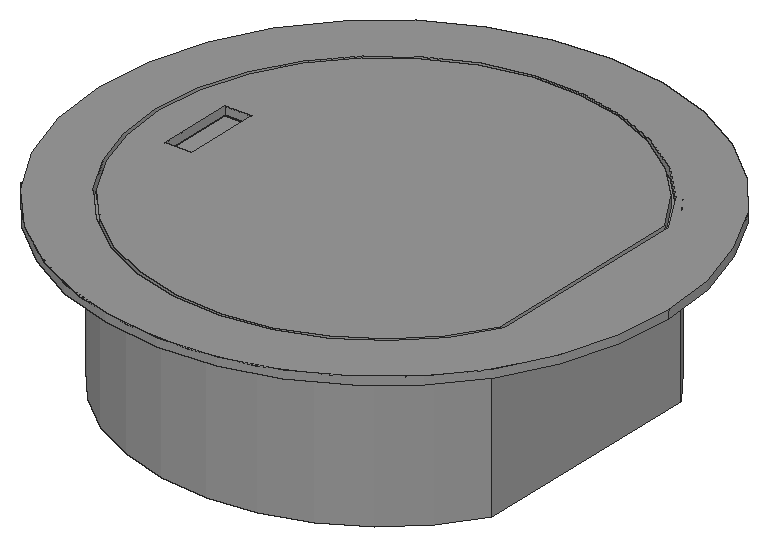
Revit family "Klappdeckel mit Ratschieber", category Generic Models, Revit 2015
Parameters (values of type "GES R2 Ni")
  URL = "http://www.obo-bettermann.com"
  Radius = 56 mm
  Material = Nickel-Copper Alloy 400
  Manufacturer Art.No. = "7408850"
  Manufacturer = "OBO Bettermann"
  Height 1 = 38 mm
  Height = 40 mm
  GTIN = "4012196459278"
  Diameter 1 = 115 mm
  Diameter = 140 mm
  Article Type = "GES R2 Ni"
Types (5, lengths in mm): name | Material | Manufacturer Art.No. | GTIN | Article Type
  (no name) | Nickel-Copper Alloy 400 | "7408850" | "4012196459278" | "GES R2 Ni"
  GES R2 Ni | Nickel-Copper Alloy 400 | "7408850" | "4012196459278" | "GES R2 Ni"
  GES R2 CuZn | Brass | "7408852" | "4012196459285" | "GES R2 CuZn"
  GES R2 Cu | Copper | "7408854" | "4012196459292" | "GES R2 Cu"
  GES R2 Cr | Steel, Chrome Plated | "7408856" | "4012196459315" | "GES R2 Cr"
Reference planes
  plane 1 "Center (Front/Back)": y = 0
  plane 2: z = 0
  plane 3 "Center (Left/Right)": x = 0
  plane 4: z = 38
  plane 5: z = 40
  plane 6: z = 37.8
Forms (mm)
  Extrusion 1, solid, material "Zinc"
    sketch origin (0, 0, 0) x (1, 0, 0) y (0, 1, 0)
      loop
        circle (0, 0) r 57.5
    from 0 to 38
  Extrusion 2, solid, material "Nickel-Copper Alloy 400" <- "Material"
    sketch origin (0, 0, 0) x (1, 0, 0) y (0, 1, 0)
      loop
        circle (0, 0) r 70
    from 38 to 40
  Extrusion 3, void
    sketch origin (0, 0, 0) x (1, 0, 0) y (0, 1, 0)
      loop
        line (49.7, 70) -> (49.7, -70) -> (99.251, -70) -> (99.251, 70) -> (49.7, 70)
    from 0 to 38
  Extrusion 4, void
    sketch origin (0, 0, 0) x (1, 0, 0) y (0, 1, 0)
      loop
        arc (49.9, 25.2) -> (-56.11, 0) -> (49.9, -25.2) r 56
        line (49.9, -25.2) -> (49.9, 25.2)
      loop
        arc (48.928, 25.2) -> (-55.296, 0) -> (48.928, -25.2) r 55.159
        line (48.928, -25.2) -> (48.928, 25.2)
    from 38 to 40
  Extrusion 5, void
    sketch origin (0, 0, 0) x (1, 0, 0) y (0, 1, 0)
      loop
        line (-46.6, 9.25) -> (-46.6, -9.25) -> (-39.9, -9.25) -> (-39.9, 9.25) -> (-46.6, 9.25)
    from 37.8 to 40
Cuts and joins
  Extrusion 3, Extrusion 4, Extrusion 5 cuts Extrusion 1
  Extrusion 3, Extrusion 4, Extrusion 5 cuts Extrusion 2
Dimensions and locks
  "Height 1": plane 4 to level
  "Height": plane 5 to level
  locked: plane 3 "Center (Left/Right)" to Extrusion 3 sketch curve at 49.7
  locked: Extrusion 3 sketch curve to Extrusion 3 sketch curve at 140
  equal spacing: Extrusion 3 sketch curve, plane 1 "Center (Front/Back)", Extrusion 3 sketch curve, locked at 70 each
  locked: Extrusion 3 sketch curve to Extrusion 3 sketch curve at 49.551
  locked: Extrusion 4 sketch curve to Extrusion 4 sketch curve at 50.4  (x2)
  locked: plane 3 "Center (Left/Right)" to Extrusion 4 sketch curve at 49.9
  equal spacing: Extrusion 4 sketch curve, plane 1 "Center (Front/Back)", Extrusion 4 sketch curve, locked at 25.2 each
  Extrusion 4 sketch curve to Extrusion 4 sketch curve = 50.4 mm
  locked: Extrusion 5 sketch curve to Extrusion 5 sketch curve at 18.5
  equal spacing: Extrusion 5 sketch curve, plane 1 "Center (Front/Back)", Extrusion 5 sketch curve, locked at 9.25 each
  locked: Extrusion 5 sketch curve to plane 3 "Center (Left/Right)" at 39.9
  locked: Extrusion 5 sketch curve to Extrusion 5 sketch curve at 6.7
  locked: plane 5 to plane 6 at 2.2
  "Diameter 1": diameter of Extrusion 1 sketch curve
  "Diameter": diameter of Extrusion 2 sketch curve
  "Radius": radius of Extrusion 4 sketch curve
  aligned and locked: level to plane 2
  aligned and locked: plane 4 to Extrusion 1
  aligned and locked: plane 5 to Extrusion 2
  aligned and locked: Extrusion 2 to Extrusion 1
  aligned and locked: Extrusion 3 to level
  aligned and locked: Extrusion 3 to Extrusion 1
  aligned and locked: Extrusion 4 to Extrusion 1
  aligned and locked: plane 5 to Extrusion 4
  aligned and locked: Extrusion 5 to plane 6
  aligned and locked: plane 5 to Extrusion 5
Automatic sketch dimensions
  plane 1 "Center (Front/Back)" to Extrusion 1 sketch curve = 0 mm
  Extrusion 1 sketch curve to plane 3 "Center (Left/Right)" = 0 mm
  plane 1 "Center (Front/Back)" to Extrusion 2 sketch curve = 0 mm
  Extrusion 2 sketch curve to plane 3 "Center (Left/Right)" = 0 mm
  plane 1 "Center (Front/Back)" to Extrusion 4 sketch curve = 0 mm
  Extrusion 4 sketch curve to Extrusion 4 sketch curve = 0.028 mm
  Extrusion 4 sketch curve to Extrusion 4 sketch curve = 0.972 mm
